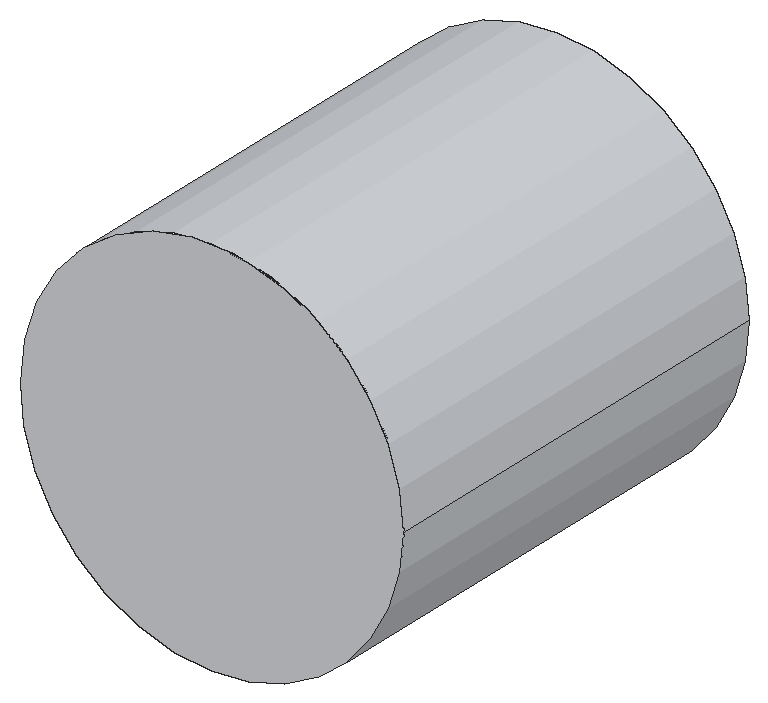
Revit family "PA__SQUARE-ANGLE-VALVE_LECICO_PC", category Pipe Accessories, Revit 2015
Parameters (values of type "Lecico Square Angle Valve")
  URL = "http://www.lecicosa.co.za/products/neon-square-angle-valve/"
  Manufacturer = "Lecico"
  Description = "Square Angle Valve"
  Created By = "Tolani Civil Projects cc"
Reference planes
  plane 1 "Center (Front/Back)": y = 0
  plane 2: z = 0
  plane 3 "Center (Left/Right)": x = 0
  plane 4: x = -79.487
Forms (mm)
  Extrusion 1, solid
    sketch origin (-66.799, 25.271, 0) x (1, 0, 0) y (0, 0, 1)
      loop
        circle (66.799, 0) r 8
    from 7.271 to 25.271
Dimensions and locks
  locked: import instance to plane 2 at 12.5
  aligned and locked: plane 3 "Center (Left/Right)" to import instance
  aligned and locked: plane 1 "Center (Front/Back)" to import instance
  aligned and locked: level to plane 2
  aligned and locked: plane 2 to Extrusion 1 sketch curve
  aligned and locked: plane 3 "Center (Left/Right)" to Extrusion 1 sketch curve
  aligned and locked: plane 1 "Center (Front/Back)" to Extrusion 1
  aligned and locked: Extrusion 1 to import instance
Connectors
  piping at (0, 18, 0), diameter 16
    settings: on Extrusion 1, index 1, connector inside diameter 609.6 mm, connector length 0 mm, flow factor 0, pipe flow 0.0 L/s, pressure drop 0.0 Pa, fitting loss kfactor 0, connector angle 0.00°, fixture units 0, engagement length 0 mm, angle of deflection 0.00°, flow configuration 0, flow direction 0, fitting loss method 0, system type 20, joint type 0, gender type 0, connector reference index -1, connector utility 0, adjustable connector no, is connector primary yes, connector description ""
